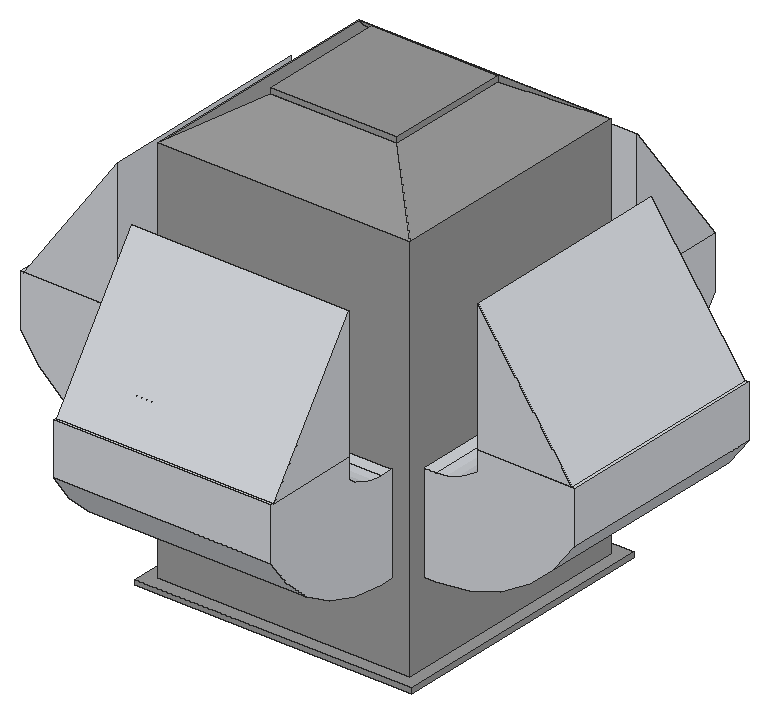
Revit family "НЕВАТОМ_Вентилятор VKRF-Е (3,15-10)_240619", category Оборудование, Revit 2019
Family settings
  Размер круглого соединителя = Использовать диаметр
  Тип детали = Нормальный
  На основе рабочей плоскости = Нет
  Всегда вертикально = Да
  При загрузке вырезать с полостями = Нет
  Общий = Нет
  Точка расчета площади = Нет
Parameters (values of type "VKRF № 9")
  Ширина отвода = 845 mm
  Н6 = H * 0.8  # 1368 mm
  Мощность двигателя N, кВт = 3 kW
  Материал = Сталь ASTM A441
  Ключевая пометка = "Вентиляция"
  Высота отвода = 380 mm
  r = H2 / 2  # 176.985 mm
  l3 = 0.85 * l  # 833 mm
  l2 = l1  # 490 mm
  l1 = 0.5 * l  # 490 mm
  l = L - 100 mm  # 980 mm
  h9 = 295 mm
  h1 = 0.03 * H  # 51.3 mm
  h = 20 mm
  Nevatom_URL = "https://t.me/NEVATOM_Bim_bot"
  L1 = 2135 mm
  L = 1080 mm
  H5 = H * 0.5  # 855 mm
  H4 = H2 * 2  # 707.94 mm
  H3 = 0.95 * H1  # 1462.05 mm
  H2 = 0.23 * H1  # 353.97 mm
  H1 = 0.9 * H  # 1539 mm
  H = 1710 mm
  D = 900 mm
  B = 1005 mm
  ADSK_Частота вращения вентилятора = 750
  ADSK_Ток = 7.98 A
  ADSK_Расход воздуха = 0 m³/h
  ADSK_Размер_Ширина = L  # 1080 mm
  ADSK_Размер_Длина = L  # 1080 mm
  ADSK_Размер_Высота = H  # 1710 mm
  ADSK_Примечание = ""
  ADSK_Потеря давления воздуха = 0.0 Pa
  ADSK_Полная мощность = 0 VA
  ADSK_Позиция = ""
  ADSK_Напряжение = 380 V  # constant formula
  ADSK_Наименование = "Вентилятор крышный радиальный с выбросом вверх"  # constant formula
  ADSK_Материал наименование = "Оцинкованная сталь"  # constant formula
  ADSK_Масса = 459
  ADSK_Марка = "VKRF-Е-9,0"
  ADSK_Коэффициент мощности = 1  # constant formula
  ADSK_Количество = 1  # constant formula
  ADSK_Код изделия = ""
  ADSK_Завод-изготовитель = "НЕВАТОМ"  # constant formula
  ADSK_Единица измерения = "шт."  # constant formula
Types (11, lengths in mm): name | Ширина отвода | Н6 | Мощность двигателя N, кВт | Высота отвода | r | l3 | l2 | l1 | l | h1 | L1 | L | H5 | H4 | H3 | H2 | H1 | H | D | B | ADSK_Частота вращения вентилятора | ADSK_Ток | ADSK_Размер_Ширина | ADSK_Размер_Длина | ADSK_Размер_Высота | ADSK_Масса | ADSK_Марка
  VKRF № 3,15 | 270 | 532 | 5.5 kW | 130 | 68.828 | 357 | 210 | 210 | 420 | 19.95 | 1000 | 520 | 332.5 | 275.31 | 568.575 | 137.655 | 598.5 | 665 | 315 | 440 | 750 | 13.72 A | 520 | 520 | 665 | 46 | "VKRF-Е-3,15"
  VKRF № 4 | 370 | 656 | 5.5 kW | 165 | 84.87 | 446.25 | 262.5 | 262.5 | 525 | 24.6 | 1170 | 625 | 410 | 339.48 | 701.1 | 169.74 | 738 | 820 | 400 | 530 | 3000 | 10.95 A | 625 | 625 | 820 | 84.5 | "VKRF-Е-4,0"
  VKRF № 8 | 740 | 1308 | 3 kW | 340 | 169.223 | 833 | 490 | 490 | 980 | 49.05 | 1950 | 1080 | 817.5 | 676.89 | 1397.925 | 338.445 | 1471.5 | 1635 | 800 | 1005 | 750 | 7.98 A | 1080 | 1080 | 1635 | 324.3 | "VKRF-Е-8,0"
  VKRF № 7,1 | 680 | 1048 | 2.2 kW | 300 | 135.585 | 697 | 410 | 410 | 820 | 39.3 | 1750 | 920 | 655 | 542.34 | 1120.05 | 271.17 | 1179 | 1310 | 710 | 840 | 750 | 6.07 A | 920 | 920 | 1310 | 269.5 | "VKRF-Е-7,1"
  VKRF № 3,55 | 315 | 604 | 3000 kW | 150 | 78.142 | 386.75 | 227.5 | 227.5 | 455 | 22.65 | 1085 | 555 | 377.5 | 312.57 | 645.525 | 156.285 | 679.5 | 755 | 355 | 480 | 3000 | 6.35 A | 555 | 555 | 755 | 62.1 | "VKRF-Е-3,55"
  VKRF № 4,5 | 425 | 808 | 11 kW | 190 | 104.535 | 471.75 | 277.5 | 277.5 | 555 | 30.3 | 1275 | 655 | 505 | 418.14 | 863.55 | 209.07 | 909 | 1010 | 450 | 580 | 3000 | 21.17 A | 655 | 655 | 1010 | 141.4 | "VKRF-Е-4,5"
  VKRF № 5 | 480 | 684 | 11 kW | 205 | 88.493 | 518.5 | 305 | 305 | 610 | 25.65 | 1360 | 710 | 427.5 | 353.97 | 731.025 | 176.985 | 769.5 | 855 | 500 | 630 | 3000 | 21.17 A | 710 | 710 | 855 | 143 | "VKRF-Е-5,0"
  VKRF № 5,6 | 520 | 744 | 4 kW | 240 | 96.255 | 565.25 | 332.5 | 332.5 | 665 | 27.9 | 1470 | 765 | 465 | 385.02 | 795.15 | 192.51 | 837 | 930 | 560 | 690 | 1500 | 8.66 A | 765 | 765 | 930 | 132.6 | "VKRF-Е-5,6"
  VKRF № 6,3 | 595 | 920 | 4 kW | 265 | 119.025 | 637.5 | 375 | 375 | 750 | 34.5 | 1595 | 850 | 575 | 476.1 | 983.25 | 238.05 | 1035 | 1150 | 630 | 755 | 1500 | 8.66 A | 850 | 850 | 1150 | 147 | "VKRF-Е-6,3"
  VKRF № 10 | 948 | 1464 | 5.5 kW | 406 | 189.405 | 1032.75 | 607.5 | 607.5 | 1215 | 54.9 | 2320 | 1315 | 915 | 757.62 | 1564.65 | 378.81 | 1647 | 1830 | 1000 | 1180 | 750 | 13.72 A | 1315 | 1315 | 1830 | 597.5 | "VKRF-Е-10,0"
  VKRF № 9 | 845 | 1368 | 3 kW | 380 | 176.985 | 833 | 490 | 490 | 980 | 51.3 | 2135 | 1080 | 855 | 707.94 | 1462.05 | 353.97 | 1539 | 1710 | 900 | 1005 | 750 | 7.98 A | 1080 | 1080 | 1710 | 459 | "VKRF-Е-9,0"
Reference planes
  plane 1 "По центру (Вперед/Назад)": y = 0
  plane 2: z = 0
  plane 3 "По центру (Влево/Вправо)": x = 0
  plane 4: x = -540
  plane 5: x = 540
  plane 6: y = 540
  plane 7: y = -540
  plane 8: z = 20
  plane 9: z = 1710
  plane 10: z = 1539
  plane 11: x = -490
  plane 12: x = 490
  plane 13: y = 490
  plane 14: y = -490
  plane 15: x = -245
  plane 16: x = 245
  plane 17: y = 245
  plane 18: y = -245
  plane 19: x = -245
  plane 20: x = 245
  plane 21: y = 245
  plane 22: y = -245
  plane 23: x = -1067.5
  plane 24: x = 1067.5
  plane 25: z = 353.97
  plane 26: y = 416.5
  plane 27: y = -416.5
  plane 28: y = 1067.5
  plane 29: y = -1067.5
  plane 30: x = -535.5
  plane 31: x = 297.5
  plane 32: z = 1462.05
  plane 33: y = 460
  plane 34: y = -460
  plane 35: z = 1479
  plane 36: z = 1690
  plane 37: z = 707.94
  plane 38: z = 855
  plane 39 "Для отвода": z = 530.955
  plane 40: x = 890.515
  plane 41 "Ось отвода": y = 890.515
  plane 42: y = -890.515
  plane 43 "Форма основная": z = 1368
  plane 44 "Ось отвода 1": x = -890.515
  plane 45: x = -176.985
  plane 46: x = 176.985
  plane 47: z = 1208.97
Forms (mm)
  Extrusion 1, void, not visible
    sketch origin (-345, -245, 50) x (0, -1, 0) y (0, 0, -1)
      loop
        line (-477.965, -475) -> (-477.965, -450) -> (-528.913, -450) -> (-528.913, -475) -> (-477.965, -475)
    from -47.452 to 12
  Extrusion 2, solid, material "Сталь ASTM A441" <- "Материал", detail levels medium+fine
    sketch origin (0, 0, 0) x (1, 0, 0) y (0, 1, 0)
      loop
        line (-540, 540) -> (-540, -540) -> (540, -540) -> (540, 540) -> (-540, 540)
    from 0 to 20
  Extrusion 3, solid, material "Сталь ASTM A441" <- "Материал", detail levels medium+fine
    sketch origin (0, 0, 0) x (1, 0, 0) y (0, 1, 0)
      loop
        line (-490, 490) -> (-490, -490) -> (490, -490) -> (490, 490) -> (-490, 490)
    from 20 to 1539
  Blend 4, solid, material "Сталь ASTM A441" <- "Материал", detail levels medium+fine
    base sketch origin (0, 0, 0) x (1, 0, 0) y (0, 1, 0)
      loop
        line (-490, 490) -> (-490, -490) -> (490, -490) -> (490, 490) -> (-490, 490)
    top sketch origin (0, 0, 0) x (1, 0, 0) y (0, 1, 0)
      loop
        line (-245, 245) -> (-245, -245) -> (245, -245) -> (245, 245) -> (-245, 245)
    from 1539 to 1690
  Blend 5, solid, material "Сталь ASTM A441" <- "Материал", detail levels medium+fine
    base sketch origin (0, 0, 0) x (1, 0, 0) y (0, 1, 0)
      loop
        line (-245, 245) -> (-245, -245) -> (245, -245) -> (245, 245) -> (-245, 245)
    top sketch origin (0, 0, 0) x (1, 0, 0) y (0, 1, 0)
      loop
        line (-245, 245) -> (-245, -245) -> (245, -245) -> (245, 245) -> (-245, 245)
    from 1690 to 1710
  Sweep 6, solid, detail levels medium+fine
    path in 3D
      loop
        line (490, 0, 530.955) -> (540, 0, 530.955)
        arc (540, 0, 530.955) -> (736.332, 0, 577.711) -> (890.515, 0, 707.94) r 435.586
        line (890.515, 0, 707.94) -> (890.515, 0, 855)
    profile origin (515, 0, 530.955) x (0, 0, 1) y (0, -1, 0)
      loop
        line (190, -422.5) -> (190, 422.5) -> (-190, 422.5) -> (-190, -422.5) -> (190, -422.5)
  Sweep 7, solid, detail levels medium+fine
    path in 3D
      loop
        line (0, 490, 530.955) -> (0, 540, 530.955)
        arc (0, 540, 530.955) -> (0, 736.332, 577.711) -> (0, 890.515, 707.94) r 435.586
        line (0, 890.515, 707.94) -> (0, 890.515, 855)
    profile origin (0, 515, 530.955) x (0, 0, 1) y (1, 0, 0)
      loop
        line (-190, 422.5) -> (-190, -422.5) -> (190, -422.5) -> (190, 422.5) -> (-190, 422.5)
  Sweep 8, solid, detail levels medium+fine
    path in 3D
      loop
        line (0, -490, 530.955) -> (0, -540, 530.955)
        arc (0, -540, 530.955) -> (0, -736.332, 577.711) -> (0, -890.515, 707.94) r 435.586
        line (0, -890.515, 707.94) -> (0, -890.515, 855)
    profile origin (0, -515, 530.955) x (0, 0, -1) y (1, 0, 0)
      loop
        line (-190, -422.5) -> (190, -422.5) -> (190, 422.5) -> (-190, 422.5) -> (-190, -422.5)
  Sweep 9, solid, detail levels medium+fine
    path origin (0, 0, 0) x (1, 0, 0) y (0, 0, 1)
      loop
        line (-490, 530.955) -> (-540, 530.955)
        arc (-540, 530.955) -> (-736.332, 577.711) -> (-890.515, 707.94) r 435.586
        line (-890.515, 707.94) -> (-890.515, 855)
    profile origin (-515, 0, 530.955) x (0, 0, -1) y (0, -1, 0)
      loop
        line (-190, -422.5) -> (190, -422.5) -> (190, 422.5) -> (-190, 422.5) -> (-190, -422.5)
  Extrusion 10, solid, detail levels medium+fine
    sketch origin (0, 0, 0) x (1, 0, 0) y (0, 0, 1)
      loop
        line (700.515, 855) -> (1067.5, 855) -> (700.515, 1368) -> (700.515, 855)
    from -422.5 to 422.5
  Extrusion 11, solid, detail levels medium+fine
    sketch origin (0, 0, 0) x (-1, 0, 0) y (0, 0, -1)
      loop
        line (700.515, -855) -> (700.515, -1368) -> (1067.09, -855) -> (700.515, -855)
    from -422.5 to 422.5
  Extrusion 12, solid, detail levels medium+fine
    sketch origin (0, 13.595, 0) x (0, 1, 0) y (0, 0, 1)
      loop
        line (686.92, 855) -> (1067.5, 855) -> (686.92, 1368) -> (686.92, 855)
    from -422.5 to 422.5
  Extrusion 13, solid, detail levels medium+fine
    sketch origin (0, 0, 0) x (0, -1, 0) y (0, 0, 1)
      loop
        line (700.515, 855) -> (1067.09, 855) -> (700.515, 1368) -> (700.515, 855)
    from -422.5 to 422.5
  Extrusion 14, solid
    sketch origin (0, 0, 0) x (1, 0, 0) y (0, 0, 1)
      loop
        line (-176.985, 1208.97) -> (-176.985, 855) -> (176.985, 855) -> (176.985, 1208.97) -> (-176.985, 1208.97)
    from 490 to 540
Lines and regions (mm)
  model lines, not visible, detail levels coarse
    curve 1: circle (0, 0, 0) r 135 normal (0, 0, 1)
    curve 2: line (-135, 0, 0) -> (43.681, 127.738, 0)
    curve 3: line (-135, 0, 0) -> (43.681, -127.738, 0)
    curve 4: line (43.681, 127.738, 0) -> (43.681, -127.738, 0)
  model lines, not visible, detail levels medium
    curve 5: circle (0, 0, 0) r 90 normal (0, -1, 0)
    curve 6: line (-90, 0, 0) -> (39.046, 0, 81.089)
    curve 7: line (-90, 0, 0) -> (39.046, 0, -81.089)
    curve 8: line (39.046, 0, 81.089) -> (39.046, 0, -81.089)
  model lines, detail levels medium
    curve 9: line (490, 0, 530.955) -> (540, 0, 530.955)
    curve 10: arc (540, 0, 530.955) -> (736.332, 0, 577.711) -> (890.515, 0, 707.94) r 435.586
    curve 11: line (890.515, 0, 855) -> (890.515, 0, 707.94)
    curve 15: line (0, 490, 530.955) -> (0, 540, 530.955)
    curve 16: arc (0, 540, 530.955) -> (0, 736.332, 577.711) -> (0, 890.515, 707.94) r 435.586
    curve 17: line (0, 890.515, 707.94) -> (0, 890.515, 855)
    curve 21: line (0, -490, 530.955) -> (0, -540, 530.955)
    curve 22: line (0, -890.515, 707.94) -> (0, -890.515, 855)
    curve 23: arc (0, -540, 530.955) -> (0, -736.332, 577.711) -> (0, -890.515, 707.94) r 435.586
  sketch lines
    curve 12: line (490, 0, 530.955) -> (540, 0, 530.955)
    curve 13: arc (540, 0, 530.955) -> (736.332, 0, 577.711) -> (890.515, 0, 707.94) r 435.586
    curve 14: line (890.515, 0, 855) -> (890.515, 0, 707.94)
    curve 18: line (0, 490, 530.955) -> (0, 540, 530.955)
    curve 19: arc (0, 540, 530.955) -> (0, 736.332, 577.711) -> (0, 890.515, 707.94) r 435.586
    curve 20: line (0, 890.515, 707.94) -> (0, 890.515, 855)
    curve 24: line (0, -490, 530.955) -> (0, -540, 530.955)
    curve 25: arc (0, -540, 530.955) -> (0, -736.332, 577.711) -> (0, -890.515, 707.94) r 435.586
    curve 26: line (0, -890.515, 707.94) -> (0, -890.515, 855)
Dimensions and locks
  equal spacing: plane 6, plane 1 "По центру (Вперед/Назад)", plane 7
  "L": plane 6 to plane 7
  equal spacing: plane 4, plane 3 "По центру (Влево/Вправо)", plane 5
  "L": plane 4 to plane 5
  "h": plane 8 to level
  "H": plane 9 to level
  "H1": plane 10 to level
  equal spacing: plane 13, plane 1 "По центру (Вперед/Назад)", plane 14
  "l": plane 13 to plane 14
  equal spacing: plane 11, plane 3 "По центру (Влево/Вправо)", plane 12
  "l": plane 11 to plane 12
  "l1": plane 18 to plane 17
  equal spacing: plane 18, plane 1 "По центру (Вперед/Назад)", plane 17
  equal spacing: plane 15, plane 3 "По центру (Влево/Вправо)", plane 16
  "l1": plane 15 to plane 16
  equal spacing: plane 19, plane 3 "По центру (Влево/Вправо)", plane 20
  "l2": plane 19 to plane 20
  equal spacing: plane 21, plane 1 "По центру (Вперед/Назад)", plane 22
  "l2": plane 21 to plane 22
  equal spacing: plane 24, plane 3 "По центру (Влево/Вправо)", plane 23
  "L1": plane 24 to plane 23
  "H2": plane 25 to level
  equal spacing: plane 26, plane 1 "По центру (Вперед/Назад)", plane 27
  "l3": plane 26 to plane 27
  equal spacing: plane 28, plane 1 "По центру (Вперед/Назад)", plane 29
  "L1": plane 28 to plane 29
  "l3": plane 31 to plane 30
  "H3": plane 32 to level
  locked: plane 13 to plane 33 at 30
  locked: plane 34 to plane 14 at 30
  locked: plane 10 to plane 35 at 60
  "h": plane 9 to plane 36
  "H4": plane 37 to level
  "r": plane 39 "Для отвода" to plane 25
  "r": plane 24 to plane 40
  "r": plane 41 "Ось отвода" to plane 28
  equal spacing: Sweep 7 sketch curve, profile plane, Sweep 7 sketch curve  (x2)
  "Ширина отвода": Sweep 7 sketch curve to Sweep 7 sketch curve
  "Высота отвода": Sweep 7 sketch curve to Sweep 7 sketch curve
  "r": plane 42 to plane 29
  equal spacing: Sweep 8 sketch curve, profile plane, Sweep 8 sketch curve  (x2)
  "Ширина отвода": Sweep 8 sketch curve to Sweep 8 sketch curve
  "Высота отвода": Sweep 8 sketch curve to Sweep 8 sketch curve
  equal spacing: Sweep 6 sketch curve, profile plane, Sweep 6 sketch curve  (x2)
  "Ширина отвода": Sweep 6 sketch curve to Sweep 6 sketch curve
  "Высота отвода": Sweep 6 sketch curve to Sweep 6 sketch curve
  "H5": plane 38 to level
  "r": plane 44 "Ось отвода 1" to plane 23
  equal spacing: Sweep 9 sketch curve, profile plane, Sweep 9 sketch curve  (x2)
  "Ширина отвода": Sweep 9 sketch curve to Sweep 9 sketch curve
  "Высота отвода": Sweep 9 sketch curve to Sweep 9 sketch curve
  "Н6": plane 43 "Форма основная" to level
  equal spacing: Extrusion 10, plane 1 "По центру (Вперед/Назад)", Extrusion 10
  "Ширина отвода": Extrusion 10 to Extrusion 10
  equal spacing: Extrusion 10, plane 40, Sweep 6
  "Высота отвода": Extrusion 10 to Sweep 6
  Extrusion 11 to Extrusion 11 = 845 mm
  "Ширина отвода": Extrusion 11 to Extrusion 11
  equal spacing: Extrusion 11, plane 1 "По центру (Вперед/Назад)", Extrusion 11
  equal spacing: Extrusion 12, plane 41 "Ось отвода", Sweep 7
  "Высота отвода": Extrusion 12 to Sweep 7
  equal spacing: Extrusion 12, plane 3 "По центру (Влево/Вправо)", Extrusion 12
  "Ширина отвода": Extrusion 12 to Extrusion 12
  "Ширина отвода": Extrusion 13 to Extrusion 13  (x2)
  Extrusion 13 to plane 42 to plane 29 = 190 mm, 176.985 mm
  "Высота отвода": Sweep 8 to Extrusion 13
  equal spacing: Extrusion 13, plane 3 "По центру (Влево/Вправо)", Extrusion 13
  equal spacing: plane 46, plane 3 "По центру (Влево/Вправо)", plane 45
  "H2": plane 46 to plane 45
  "H2": plane 47 to plane 38
  Extrusion 2 to Extrusion 2 = 1080 mm
  aligned and locked: level to plane 2
  aligned and locked: Extrusion 2 sketch curve to plane 6
  aligned and locked: Extrusion 2 sketch curve to plane 4
  aligned and locked: plane 7 to Extrusion 2 sketch curve
  aligned and locked: plane 5 to Extrusion 2 sketch curve
  aligned and locked: Extrusion 2 to level
  aligned and locked: plane 8 to Extrusion 2
  aligned and locked: plane 13 to Extrusion 3 sketch curve
  aligned and locked: plane 11 to Extrusion 3 sketch curve
  aligned and locked: plane 14 to Extrusion 3 sketch curve
  aligned and locked: Extrusion 3 sketch curve to plane 12
  aligned and locked: plane 10 to Extrusion 3
  aligned and locked: Extrusion 3 to plane 8
  aligned and locked: plane 13 to Blend 4 sketch curve
  aligned and locked: Blend 4 sketch curve to plane 12
  aligned and locked: plane 14 to Blend 4 sketch curve
  aligned and locked: plane 11 to Blend 4 sketch curve
  aligned and locked: Blend 4 sketch curve to plane 17
  aligned and locked: plane 15 to Blend 4 sketch curve
  aligned and locked: Blend 4 sketch curve to plane 18
  aligned and locked: plane 16 to Blend 4 sketch curve
  aligned and locked: plane 16 to Blend 5 sketch curve
  aligned and locked: Blend 5 sketch curve to plane 17
  aligned and locked: plane 15 to Blend 5 sketch curve
  aligned and locked: Blend 5 sketch curve to plane 18
  aligned and locked: Blend 5 sketch curve to plane 21
  aligned and locked: Blend 5 sketch curve to plane 19
  aligned and locked: plane 22 to Blend 5 sketch curve
  aligned and locked: plane 20 to Blend 5 sketch curve
  aligned and locked: plane 9 to Blend 5
  aligned and locked: plane 36 to Blend 4
  aligned and locked: Blend 5 to Blend 4
  aligned and locked: plane 10 to Blend 4
  aligned and locked: curve 11 to plane 40
  aligned and locked: curve 17 to plane 41 "Ось отвода"
  aligned and locked: curve 15 to plane 39 "Для отвода"
  aligned and locked: plane 37 to curve 17
  aligned and locked: plane 6 to curve 16
  aligned and locked: plane 39 "Для отвода" to curve 21
  aligned and locked: curve 22 to plane 42
  aligned and locked: curve 21 to curve 23
  aligned and locked: Sweep 9 sketch curve to Sweep 9 sketch curve  (x2)
  aligned and locked: Extrusion 10 sketch curve to Sweep 6
  aligned and locked: plane 43 "Форма основная" to Extrusion 10 sketch curve
  aligned and locked: Sweep 6 to Extrusion 10 sketch curve
  aligned and locked: Sweep 9 to Extrusion 11
  aligned and locked: plane 24 to Extrusion 10 sketch curve
  aligned and locked: nested 2 to level
  aligned and locked: plane 3 "По центру (Влево/Вправо)" to nested 2
  aligned and locked: Extrusion 14 sketch curve to plane 46
  aligned and locked: Extrusion 14 sketch curve to plane 47
  aligned and locked: plane 45 to Extrusion 14 sketch curve
  aligned and locked: plane 14 to Extrusion 14
  aligned and locked: Extrusion 14 to plane 7
Automatic sketch dimensions
  curve 23 to plane 7 = 0 mm
  curve 21 to plane 14 = 0 mm
  curve 15 to plane 13 = 0 mm
  curve 22 to plane 37 = 0 mm
  curve 22 to plane 38 = 0 mm
  curve 17 to plane 38 = 0 mm
  curve 9 to plane 12 = 0 mm
  plane 5 to curve 10 = 0 mm
  curve 9 to plane 39 "Для отвода" = 0 mm
  curve 10 to plane 37 = 0 mm
  curve 11 to plane 38 = 0 mm
  Sweep 9 sketch curve to plane 37 = 0 mm
  Sweep 9 sketch curve to plane 44 "Ось отвода 1" = 0 mm
  plane 4 to Sweep 9 sketch curve = 0 mm
  Sweep 9 sketch curve to plane 11 = 0 mm
  Sweep 9 sketch curve to plane 39 "Для отвода" = 0 mm
  Sweep 9 sketch curve to plane 38 = 0 mm
  Extrusion 11 sketch curve to plane 43 "Форма основная" = 0 mm
  Extrusion 11 sketch curve to plane 38 = 0 mm
  Extrusion 11 sketch curve to plane 44 "Ось отвода 1" = 190 mm
  Extrusion 11 sketch curve to plane 23 = 0.41 mm
  plane 43 "Форма основная" to Extrusion 12 sketch curve = 0 mm
  Extrusion 12 sketch curve to plane 38 = 0 mm
  plane 41 "Ось отвода" to Extrusion 12 sketch curve = 190 mm
  Extrusion 12 sketch curve to plane 28 = 13.595 mm
  plane 43 "Форма основная" to Extrusion 13 sketch curve = 0 mm
  Extrusion 13 sketch curve to plane 38 = 0 mm
  Extrusion 13 sketch curve to plane 42 = 190 mm
  plane 29 to Extrusion 13 sketch curve = 0.41 mm
  Extrusion 14 sketch curve to plane 38 = 0 mm
Nested families
  nested 1: "крепление 15мм" at (-330, 229.965, 495), type "крепление 15мм", not visible
  nested 2: "УГО вентилятора VKRF" at (0, 0, 0), l3 <- "l3", Н1 <- "H5", type "УГО вентилятора VKRF", detail levels coarse
    with Н1/3 285 mm, Н1 855 mm, l3/3 277.667 mm, l3 833 mm, h6 142.5 mm, h5 35.625 mm
Connectors
  hvac at (0, 0, 0), driven by "D", driven by "ADSK_Расход воздуха", driven by "ADSK_Потеря давления воздуха"
    settings: on Extrusion 2, index 1, duct flow 0 m³/h, flow factor 0, pres drop 0.0 Pa, loss coef 0, conn angle 0.00°, conn width 304.8 mm, conn height 304.8 mm, conn diameter 900 mm, duct sys type 29, conn prof type 0, flow config 0, flow direction 0, loss method 4, conn ref index -1, conn util no, is conn primary yes, conn desc ""
  electrical at (0, -540, 1031.985), driven by "ADSK_Напряжение", driven by "ADSK_Коэффициент мощности", driven by "ADSK_Полная мощность"
    settings: on Extrusion 14, index 2, voltage 380 V, apparent load 0 VA, apparent load phase1 0 VA, apparent load phase2 0 VA, apparent load phase3 0 VA, power factor 1, load classification "Прочее", number of poles 1, system type 31, power factor state 1, is connector primary yes, connector utility no, sub classification motor no, connector description ""
Definition of nested family "крепление 15мм"
  Parameters (values of type "крепление 15мм")
    Материал крепления = none
  Reference planes
    plane 1 "По центру (Вперед/Назад)": y = 0
    plane 2: z = 0
    plane 3 "По центру (Влево/Вправо)": x = 0
  Forms (mm)
    Extrusion 1, solid, material <- "Материал крепления"
      sketch origin (0, 0, 0) x (1, 0, 0) y (0, 1, 0)
        loop
          line (-25, 0) -> (0, 0) -> (0, 18.31) -> (0, 25) -> (-3, 25) -> (-3, 3) -> (-25, 3) -> (-25, 0)
      from 0 to 30
    Extrusion 2, void
      sketch origin (0, 0, 0) x (1, 0, 0) y (0, 1, 0)
        loop
          line (-3, 3) -> (-3, 54.96) -> (-58, 54.96) -> (-58, 3) -> (-3, 3)
      from 0 to 15
  Cuts and joins
    Extrusion 2 cuts Extrusion 1
  Dimensions and locks
    Extrusion 1 sketch curve to Extrusion 1 sketch curve = 3 mm  (x2)
    Extrusion 1 sketch curve to Extrusion 1 sketch curve to plane 3 "По центру (Влево/Вправо)" = 25 mm, 0 mm
    Extrusion 1 sketch curve to Extrusion 1 sketch curve = 25 mm
    aligned and locked: level to plane 2
Definition of nested family "УГО вентилятора VKRF"
  Parameters (values of type "УГО вентилятора VKRF")
    Н1/3 [instance] = Н1 / 3  # 166.667 mm
    Н1 [instance] = 500 mm
    l3/3 [instance] = l3 / 3  # 133.333 mm
    l3 [instance] = 400 mm
    h6 [instance] = h5 * 4  # 83.333 mm
    h5 [instance] = (Н1 / 3) / 8  # 20.833 mm
    c = 1 mm
  Reference planes
    plane 1 "По центру (Вперед/Назад)": y = 0
    plane 2: z = 0
    plane 3 "По центру (Влево/Вправо)": x = 0
    plane 4: x = -200
    plane 5: x = 200
    plane 6: z = 500
    plane 7: z = 166.667
    plane 8: x = -33.333
    plane 9: x = 33.333
    plane 10: x = 116.667
    plane 11: x = -116.667
    plane 12: z = 333.333
    plane 13: z = 400
    plane 14: z = 250
    plane 15: x = -83.333
    plane 16: x = 83.333
    plane 17: z = 520.833
    plane 18: z = 687.5
  Forms (mm)
    Extrusion 1, solid
      sketch origin (0, 0, 0) x (1, 0, 0) y (0, 0, 1)
        loop
          line (-116.667, 166.667) -> (-116.667, 0) -> (-33.333, 0) -> (-33.333, 166.667) -> (-116.667, 166.667)
        loop
          line (33.333, 166.667) -> (33.333, 0) -> (116.667, 0) -> (116.667, 166.667) -> (33.333, 166.667)
      from 0 to 1
  Lines and regions (mm)
    model lines
      curve 1: line (-200, 0, 0) -> (-200, 0, 500)
      curve 2: line (-200, 0, 500) -> (200, 0, 500)
      curve 3: line (200, 0, 500) -> (200, 0, 0)
      curve 4: line (-200, 0, 0) -> (200, 0, 0)
      curve 5: line (-116.667, 0, 166.667) -> (-33.333, 0, 166.667)
      curve 6: line (-116.667, 0, 0) -> (-116.667, 0, 166.667)
      curve 7: line (-33.333, 0, 0) -> (-116.667, 0, 0)
      curve 8: line (-33.333, 0, 166.667) -> (-33.333, 0, 0)
      curve 9: line (33.333, 0, 166.667) -> (33.333, 0, 0)
      curve 10: line (33.333, 0, 166.667) -> (116.667, 0, 166.667)
      curve 11: line (116.667, 0, 166.667) -> (116.667, 0, 0)
      curve 12: line (-83.333, 0, 520.833) -> (0, 0, 687.5)
      curve 13: line (83.333, 0, 520.833) -> (0, 0, 687.5)
      curve 14: line (83.333, 0, 520.833) -> (-83.333, 0, 520.833)
  Dimensions and locks
    "Н1": plane 6 to level
    equal spacing: plane 5, plane 3 "По центру (Влево/Вправо)", plane 4
    "l3": plane 5 to plane 4
    "Н1/3": plane 7 to level
    "h6": plane 8 to plane 11
    "h6": plane 10 to plane 9
    "c": Extrusion 1 to plane 1 "По центру (Вперед/Назад)"
    "Н1/3": plane 6 to plane 12
    equal spacing: plane 6, plane 14, level
    "h6": plane 11 to plane 4
    "h6": plane 5 to plane 10
    equal spacing: plane 16, plane 3 "По центру (Влево/Вправо)", plane 15
    "Н1/3": plane 16 to plane 15
    "h5": plane 17 to plane 6
    "Н1/3": plane 18 to plane 17
    aligned and locked: level to plane 2
    aligned and locked: level to curve 3
    aligned and locked: plane 6 to curve 3
    aligned and locked: level to curve 1
    aligned and locked: plane 6 to curve 1
    aligned and locked: plane 4 to curve 2
    aligned and locked: plane 5 to curve 2
    aligned and locked: plane 5 to curve 4
    aligned and locked: plane 4 to curve 4
    aligned and locked: plane 11 to curve 6
    aligned and locked: curve 8 to plane 8
    aligned and locked: plane 7 to curve 9
    aligned and locked: plane 10 to curve 10
    aligned and locked: plane 9 to curve 10
    aligned and locked: Extrusion 1 sketch curve to plane 8
    aligned and locked: Extrusion 1 sketch curve to plane 7
    aligned and locked: plane 11 to Extrusion 1 sketch curve
    aligned and locked: level to Extrusion 1 sketch curve
    aligned and locked: Extrusion 1 sketch curve to curve 10
    aligned and locked: Extrusion 1 sketch curve to curve 9
    aligned and locked: Extrusion 1 sketch curve to curve 11
    aligned and locked: curve 14 to plane 17
    aligned and locked: plane 16 to curve 14
    aligned and locked: plane 15 to curve 14
    aligned and locked: plane 18 to curve 12
  Automatic sketch dimensions
    Extrusion 1 sketch curve to level = 0 mm
    curve 13 to plane 3 "По центру (Влево/Вправо)" = 0 mm
    curve 8 to level = 0 mm
    curve 6 to plane 7 = 0 mm
